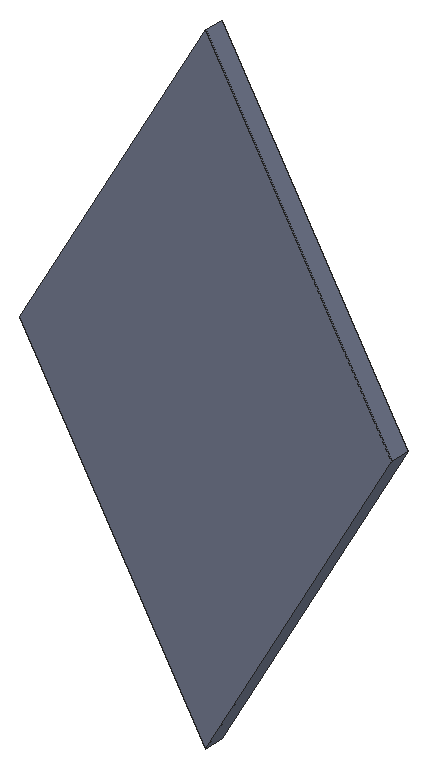
Revit family "DIAMOND 3D XL", category Generic Models, Revit 2019
Family settings
  Can host rebar = No
  Round Connector Dimension = Use Diameter
  Part Type = Normal
  Work Plane-Based = No
  Always vertical = Yes
  Cut with Voids When Loaded = No
  Shared = No
  Room Calculation Point = No
Parameters
  XOREL TEXTILE = METEOR 751
Reference planes (in)
  plane 1 "Center (Front/Back)": y = 0
  plane 2: z = 0
  plane 3 "Center (Left/Right)": x = 0
Forms (in)
  Extrusion 1, solid, material "METEOR 751" <- "XOREL TEXTILE"
    sketch origin (0, 0, 0) x (1, 0, 0) y (0, 0, 1)
      loop
        line (0, 19.91858) -> (-11.5, 0) -> (0, -19.91858) -> (11.5, 0) -> (0, 19.91858)
    from 0 to 1.25
  Extrusion 2, void
    sketch origin (0, 0, 0) x (0, 1, 0) y (0, 0, 1)
      loop
        line (-1.25, 20.25) -> (-1.25, 0) -> (-0.99584, 20.25) -> (-1.25, 20.25)
    from -12.61542 to 14.1028
  Extrusion 3, void
    sketch origin (0, 0, 0) x (0, 1, 0) y (0, 0, 1)
      loop
        line (-1.25, -20.2303) -> (-0.99609, -20.2303) -> (-1.25, 0) -> (-1.25, -20.2303)
    from -12.61542 to 14.1028
Dimensions and locks (in)
  aligned and locked: plane 2 to level
